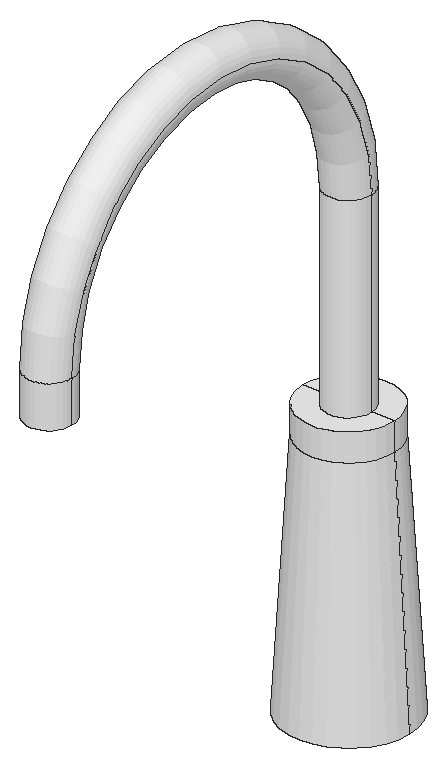
Revit family
Parameters (values of type "6055.164.002")
  Waste Connection = no
  Vent Connection = no
  URL = "http://www.americanstandard-us.com"
  Revised Date = "23/05/2012"
  Product URL = "http://americanstandard.ca/pdf/specSheets/6055163_152.pdf"
  Phone # = "416-250-5656"
  Model = "6055.164.002"
  Material = Chrome Plated
  Manufacturer = "American Standard"
  HW Connection = yes
  Designed By = "ATS BIM Team"
  Description = "6055.164 0.35 GPM pressure compensating, vandal-resistant, non-aerated spray. Plain spout end. CR-P2 lithium battery included. Faucet is factory set for 7.5 second running time to deliver 0.044 gallons per cycle."
  Default Elevation = 0"
  CW Connection = yes
  Assembly Code = ""
Reference planes (in)
  plane 1 "Center (Front/Back)": y = 0
  plane 2: z = 0
  plane 3 "Center (Left/Right)": x = 0
  plane 4: y = 1
  plane 5: y = -1
  plane 6: x = -1
  plane 7: x = 1
  plane 8: z = 5
  plane 9: z = 7
  plane 10: x = 6.125
  plane 11: z = 11.125
  plane 12: y = -6.125
Forms (in)
  Blend 1, solid, material "Chrome Plated" <- "Material"
    base sketch origin (0, 0, 0) x (-1, 0, 0) y (0, -1, 0)
      loop
        circle (0, 0) r 1
    top sketch origin (0, 0, 0) x (-1, 0, 0) y (0, -1, 0)
      loop
        circle (0, 0) r 0.75
    from 0 to 4.04448
  Revolve 2, solid, material "Chrome Plated" <- "Material"
    sketch origin (0, 0, -0.95552) x (-1, 0, 0) y (0, 0, 1)
      loop
        line (-0.75, 5) -> (0, 5) -> (0, 5.45552) -> (-0.75, 5.45552) -> (-0.75, 5)
      axis (0, 5) -> (0, 5.45552)
    angle from 0 to 360
  Sweep 3, solid, material "Chrome Plated" <- "Material"
    path origin (0, 0, 0) x (0, -1, 0) y (0, 0, 1)
      loop
        line (6.125, 7) -> (6.125, 7.6875)
        arc (6.125, 7.6875) -> (3.0625, 10.75) -> (0, 7.6875) r 3.0625
        line (0, 7.6875) -> (0, 4.5)
    profile origin (0, -3.0625, 10.75) x (0, 0, -1) y (-1, 0, 0)
      loop
        circle (0, 0) r 0.375
Cuts and joins
  joined: Blend 1, Revolve 2, Sweep 3
Dimensions and locks (in)
  plane 9 to level = 7"  (x3)
  plane 10 to plane 3 "Center (Left/Right)" = 6 1/8"
  plane 11 to level = 11 1/8"  (x2)
  plane 12 to plane 1 "Center (Front/Back)" = 6 1/8"
  plane 1 "Center (Front/Back)" to plane 12 = 6 1/8"
